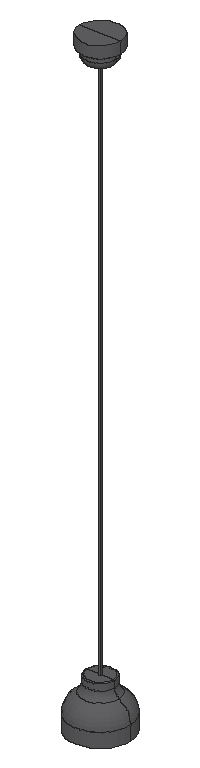
Revit family "BELL(8,10,14) MB", category Lighting Fixtures, Revit 2020
Family settings
  Round Connector Dimension = Use Diameter
  Part Type = Normal
  OmniClass Number = 23.80.70.00
  OmniClass Title = Lighting
  Work Plane-Based = No
  Always vertical = Yes
  Cut with Voids When Loaded = No
  Light Source = Yes
  Shared = No
  Room Calculation Point = No
Parameters (values of type "BEL08")
  Weight = "1.5 lbs"
  Wattage Comments = "100W Max"
  Wattage = 1 W
  Warranty = "5 year limited warranty"  # constant formula
  built-in parameter 1150110 = 1 (stored number, unit not read)
  Voltage = 277 V
  URL = "https://www.anplighting.com/assets/Uploads/product-attachments/specification-sheets/ANP-Specification-Sheet-RLM-MB-BEL08.pdf"
  built-in parameter 1114217 = 1 (stored number, unit not read)
  Tilt Angle = 90.00°
  built-in parameter 1150109 = 1 (stored number, unit not read)
  built-in parameter 1150134 = 12
  built-in parameter 1150113 = 1 (stored number, unit not read)
  Mounting Option [instance] = 1
  Power Factor = 1
  Post Mount [instance] = Mounting Option = 5  # no
  Placement X axis side [instance] = if(Post Mount, 2' 2 15/32", if(Cord or Stem Mount, 0' 0", if(E36 20 inch, 1' 8 1/4", if(E 6 26 inch, 2' 2", if(E7 41 inch, 3' 5 1/4", 0' 1")))))  # 0' - 0"
  Photometric Web File = "generic.ies"
  Model = "BEL08"
  Manufacturer = "ANP Lighting"  # constant formula
  built-in parameter 1150105 = 99.472 (stored number, unit not read)
  Lumens = 1250 lm
  built-in parameter 1150115 = 1 (stored number, unit not read)
  Load Classification = Lighting
  Light Source Height [instance] = 0' - 4"
  built-in parameter 1150137 = (empty or 0)
  built-in parameter 1150139 = (empty or 0)
  Light Elevation _2 [instance] = if(Post Mount, 0' 0.66142", if(E7 41 inch, 0' 0.66142", if(E36 20 inch, 0' 1.65748", if(E 6 26 inch, 0' 1.53543", if(Cord or Stem Mount, (0' 4.3622" + Cord Length), 0' 0")))))  # 6' - 4.3622"
  Light Elevation _1 [instance] = if(Post Mount, 0' 0", if(E7 41 inch, 0' 0", if(E36 20 inch, 0' 1", if(E 6 26 inch, 0' 0.87402", if(Cord or Stem Mount, (0' 3.66142" + Cord Length), 0' 0")))))  # 6' - 3.66142"
  Light Elevation [instance] = if(Post Mount, 14' 0.5315", if(E7 41 inch, 0' 0", 0' 0"))  # 0' - 0"
  Life = "L70 50,000 hours"  # constant formula
  built-in parameter 1150112 = 1 (stored number, unit not read)
  built-in parameter 1150114 = 1 (stored number, unit not read)
  Lamp = "MB"
  built-in parameter 1150132 = 2
  built-in parameter 1150102 = (empty or 0)
  built-in parameter 1150107 = 4000 (stored number, unit not read)
  built-in parameter 1150138 = (empty or 0)
  built-in parameter 1150106 = 0.99472 (stored number, unit not read)
  Fixture Height = 0' - 6 1/2"
  Fixture Diameter = 0' - 8"
  Efficiency = "65-125 lumens per watt"  # constant formula
  built-in parameter 1150104 = 116.13 (stored number, unit not read)
  E7 41 inch [instance] = Mounting Option = 4  # no
  E36 20 inch [instance] = Mounting Option = 3  # no
  E 6 26 inch [instance] = Mounting Option = 2  # no
  Dimming Lamp Color Temperature Shift = <None>
  Dimming = "1%"  # constant formula
  Description = "120-277 Voltage"  # constant formula
  Default Elevation = 0' - 0"
  Cord or Stem Mount [instance] = Mounting Option = 1  # yes
  Cord Length option [instance] = 0
  Cord Length [instance] = if([2' Cord], 2' 0", if([4' Cord], 4' 0", if([8' Cord], 8' 0", if([10' Cord], 10' 0", if([6' Cord], 6' 0", 6' 0")))))  # 6' - 0"
  Construction Material = "Heavy Duty spun aluminum."  # constant formula
  Color Filter = 16777215
  CRI = ">90"  # constant formula
  Body Material = body
  Body Colour = "Spun aluminium"  # constant formula
  built-in parameter 1114218 = 1 (stored number, unit not read)
  BELL8 = yes
  BELL14 = no
  BELL12 = no
  BELL10 = no
  built-in parameter 1150133 = 10 (stored number, unit not read)
  Apparent Load = 100 VA
  8' Cord [instance] = Cord Length option = 8  # no
  6' Cord [instance] = Cord Length option = 6  # no
  4' Cord [instance] = Cord Length option = 4  # no
  2' Cord [instance] = Cord Length option = 2  # no
  10' Cord [instance] = Cord Length option = 10  # no
Types (5): name | Weight | Wattage Comments | URL | Model | Fixture Height | Fixture Diameter | BELL8 | BELL14 | BELL12 | BELL10 | Apparent Load
  (no name) | "1.5 lbs" | "100W Max" | "https://www.anplighting.com/assets/Uploads/product-attachments/specification-sheets/ANP-Specification-Sheet-RLM-MB-BEL08.pdf" | "BEL08" | 0' - 6 1/2" | 0' - 8" | yes | no | no | no | 100 VA
  BEL08 | "1.5 lbs" | "100W Max" | "https://www.anplighting.com/assets/Uploads/product-attachments/specification-sheets/ANP-Specification-Sheet-RLM-MB-BEL08.pdf" | "BEL08" | 0' - 6 1/2" | 0' - 8" | yes | no | no | no | 100 VA
  BEL10 | "2 lbs" | "100W Max" | "https://www.anplighting.com/assets/Uploads/product-attachments/specification-sheets/ANP-Specification-Sheet-RLM-MB-BEL10.pdf" | "BEL10" | 0' - 7 3/8" | 0' - 10" | no | no | no | yes | 100 VA
  BEL12 | "2.5 lbs" | "200W Max" | "https://www.anplighting.com/assets/Uploads/product-attachments/specification-sheets/ANP-Specification-Sheet-RLM-MB-BEL12.pdf" | "BEL12" | 0' - 8 3/4" | 1' - 0" | no | no | yes | no | 200 VA
  BEL14 | "3.0 lbs" | "200W Max" | "https://www.anplighting.com/assets/Uploads/product-attachments/specification-sheets/ANP-Specification-Sheet-RLM-MB-BEL14.pdf" | "BEL14" | 0' - 10 1/2" | 1' - 2" | no | yes | no | no | 200 VA
Reference planes (in)
  plane 1 "Light Source Axis (F/B)": y = 0
  plane 2: z = 0
  plane 3 "Light Source Axis (L/R)": x = 0
  plane 4 "Light Source Elevation": z = 0
  plane 5: z = 0
  plane 6: x = 0
  plane 7 "Bulb Position": z = -76.3622
  plane 8 "Canopy Position": z = -75.66142
  plane 9 "IES": z = -80.3622
Dimensions and locks (in)
  "Light Elevation": plane 5 to plane 2
  "Placement X axis side": plane 6 to plane 3 "Light Source Axis (L/R)"
  "Light Elevation _2": plane 5 to plane 7 "Bulb Position"
  "Light Elevation _1": plane 5 to plane 8 "Canopy Position"
  "Light Source Height": plane 7 "Bulb Position" to plane 9 "IES"
  locked: plane 4 "Light Source Elevation" to plane 2
  aligned and locked: level to plane 2
  aligned and locked: plane 1 "Light Source Axis (F/B)" to nested 5
  aligned and locked: nested 5 to plane 2
  aligned and locked: nested 1 to plane 3 "Light Source Axis (L/R)"
  aligned and locked: plane 3 "Light Source Axis (L/R)" to nested 2
  aligned and locked: plane 3 "Light Source Axis (L/R)" to nested 4
  aligned and locked: nested 3 to plane 5
  aligned and locked: plane 3 "Light Source Axis (L/R)" to nested 3
  aligned and locked: plane 3 "Light Source Axis (L/R)" to nested 5
  aligned and locked: plane 1 "Light Source Axis (F/B)" to nested 2
  aligned and locked: plane 1 "Light Source Axis (F/B)" to nested 1
  aligned and locked: plane 1 "Light Source Axis (F/B)" to nested 4
  aligned and locked: plane 1 "Light Source Axis (F/B)" to nested 3
  aligned and locked: plane 2 to nested 1
  aligned and locked: plane 2 to nested 2
  aligned and locked: nested 4 to plane 2
  aligned and locked: imposter light to plane 9 "IES"
  aligned and locked: imposter light to plane 6
  aligned and locked: nested 6 to plane 8 "Canopy Position"
  aligned and locked: nested 7 to plane 8 "Canopy Position"
  aligned and locked: nested 8 to plane 8 "Canopy Position"
  aligned and locked: nested 9 to plane 8 "Canopy Position"
  aligned and locked: nested 6 to plane 6
  aligned and locked: nested 7 to plane 6
  aligned and locked: nested 8 to plane 6
  aligned and locked: nested 9 to plane 6
Nested families (in)
  nested 1: "CORD OR STEM MOUNT" at (0, 0, -75.67), visible <- "Cord or Stem Mount", Cord or Stem Mount <- "Cord or Stem Mount", Body Material <- "Body Material", Light Elevation <- "Light Elevation", Cord Length <- "Cord Length", 10' Cord <- "10' Cord", 2' Cord <- "2' Cord", 4' Cord <- "4' Cord", 6' Cord <- "6' Cord", 8' Cord <- "8' Cord", type "CORD OR STEM MOUNT"
    with Light Elevation 0' - 0", Cord or Stem Mount yes, Cord Length 6' - 0", Body Material body, 8' Cord no, 6' Cord no, 4' Cord no, 2' Cord no, 10' Cord no
  nested 2: "E6 26 INCH" at (0, 0, 0), visible <- "E 6 26 inch", Chain Length <- "Cord Length", E 6 26 inch <- "E 6 26 inch", Placement X axis side <- "Placement X axis side", Body Material <- "Body Material", Light Elevation <- "Light Elevation", type "E6 26 INCH"
    with Placement X axis side 0' - 0", Light Elevation 0' - 0", E 6 26 inch no, Chain Length 6' - 0", Body Material body
  nested 3: "E7 41 INCH" at (0, 0, 0), Chain Length <- "Cord Length", visible <- "E7 41 inch", E7 41 inch <- "E7 41 inch", Placement X axis side <- "Placement X axis side", Body Material <- "Body Material", Light Elevation <- "Light Elevation", type "E7 41 INCH"
    with Placement X axis side 0' - 0", Light Elevation 0' - 0", E7 41 inch no, Chain Length 6' - 0", Body Material body
  nested 4: "E36 20 INCH" at (0, 0, 0), visible <- "E36 20 inch", E36 20 inch <- "E36 20 inch", Placement X axis side <- "Placement X axis side", Chain Length <- "Cord Length", Body Material <- "Body Material", Light Elevation <- "Light Elevation", type "E36 20 INCH"
    with Placement X axis side 0' - 0", Light Elevation 0' - 0", E36 20 inch no, Chain Length 6' - 0", Body Material body
  nested 5: "POST MOUNT" at (0, 0, 0), visible <- "Post Mount", Post Mount <- "Post Mount", Placement X axis side <- "Placement X axis side", Chain Length <- "Cord Length", Body Material <- "Body Material", Light Elevation <- "Light Elevation", type "POST MOUNT"
    with Post Mount no, Placement X axis side 0' - 0", Light Elevation 0' - 0", Chain Length 6' - 0", Body Material body
  nested 6: "BELL8" at (0, 0, -75.66142), Light Elevation <- "Light Elevation", Body <- "Body Material", visible <- "BELL8", BELL8 <- "BELL8", type "BELL8"
    with Light Elevation 0' - 0", Body body, BELL8 yes
  nested 7: "BEL10" at (0, 0, -75.80293), Light Elevation <- "Light Elevation", Body <- "Body Material", visible <- "BELL10", BELL10 <- "BELL10", type "BEL10"
    with Light Elevation 0' - 0", Body body, BELL10 no
  nested 8: "BELL12" at (0, 0, -75.66142), Light Elevation <- "Light Elevation", Body <- "Body Material", visible <- "BELL12", BELL12 <- "BELL12", type "BELL12"
    with Light Elevation 0' - 0", Body body, BELL12 no
  nested 9: "BELL14" at (0, 0, -75.66142), Light Elevation <- "Light Elevation", Body <- "Body Material", visible <- "BELL14", BELL14 <- "BELL14", type "BELL14"
    with Light Elevation 0' - 0", Body body, BELL14 no
Definition of nested family "CORD OR STEM MOUNT"
  Parameters (values of type "CORD OR STEM MOUNT")
    URL = ""
    Model = ""
    Manufacturer = ""
    Light Elevation [instance] = 1' - 7.69"
    Default Elevation = 0' - 0"
    Cord or Stem Mount [instance] = yes
    Cord Length [instance] = 6' - 0"
    Body Material [instance] = none
    8' Cord [instance] = no
    6' Cord [instance] = no
    4' Cord [instance] = no
    2' Cord [instance] = no
    10' Cord [instance] = no
  Reference planes (in)
    plane 1 "Light Source Axis (F/B)": y = 0
    plane 2: z = 0
    plane 3 "Light Source Axis (L/R)": x = 0
    plane 4 "Light Source Elevation": z = 23.125
    plane 5: z = 91.69
    plane 6: z = 19.69
  Forms (in)
    Extrusion 1, void, not visible
      sketch origin (0, 0, 2.38154) x (1, 0, 0) y (0, 0, 1)
        loop
          circle (0, 4.59925) r 0.16583
      from 1.18594 to 1.75
    Extrusion 2, void, not visible
      sketch origin (0, 0, 2.38154) x (0.707107, -0.707107, 0) y (0, 0, 1)
        loop
          circle (0, 4.59925) r 0.16583
      from 1.18594 to 1.75
    Extrusion 3, void, not visible
      sketch origin (0, 0, 2.38154) x (0.707107, 0.707107, 0) y (0, 0, 1)
        loop
          circle (0, 4.59925) r 0.16583
      from 1.18594 to 1.75
    Extrusion 4, void, not visible
      sketch origin (0, 0, 2.38154) x (0, 1, 0) y (0, 0, 1)
        loop
          circle (0, 4.59925) r 0.16583
      from 1.18594 to 1.75
    Extrusion 5, void, not visible
      sketch origin (0, 0, 2.38154) x (-0.707107, 0.707107, 0) y (0, 0, 1)
        loop
          circle (0, 4.59925) r 0.16583
      from 1.18594 to 1.75
    Extrusion 6, void, not visible
      sketch origin (0, 0, 2.38154) x (-1, 0, 0) y (0, 0, 1)
        loop
          circle (0, 4.59925) r 0.20678
      from 1.18594 to 1.75
    Extrusion 7, void, not visible
      sketch origin (0, 0, 2.38154) x (-0.707107, -0.707107, 0) y (0, 0, 1)
        loop
          circle (0, 4.59925) r 0.16583
      from 1.18594 to 1.75
    Extrusion 8, void, not visible
      sketch origin (0, 0, 2.38154) x (0, -1, 0) y (0, 0, 1)
        loop
          circle (0, 4.59925) r 0.16583
      from 1.18594 to 1.75
    Revolve 9, solid, material <- "Body Material", visible <- "Cord or Stem Mount"
      sketch origin (0, 0, 174.56698) x (1, 0, 0) y (0, 0, 1)
        loop
          line (2.6875, -79.20698) -> (0, -79.20698) -> (0, -82.87698) -> (0.125, -82.87698) -> (0.125, -82.83698) -> (0.75, -82.83698)
          arc (0.75, -82.83698) -> (0.81694, -82.77004) -> (0.75, -82.7031) r 0.06694
          line (0.75, -82.7031) -> (0.89763, -82.7031) -> (1.00223, -82.5985) -> (1.06587, -82.5985)
          arc (1.06587, -82.5985) -> (1.80099, -82.29401) -> (2.10549, -81.55888) r 1.03962
          line (2.10549, -81.55888) -> (2.10549, -81.03899)
          arc (2.10549, -81.03899) -> (2.12951, -80.981) -> (2.1875, -80.95698) r 0.08201
          line (2.1875, -80.95698) -> (2.1875, -80.70698) -> (2.6875, -80.70698) -> (2.6875, -79.20698)
        axis (0, -79.20698) -> (0, -82.87698)
      angle from 0 to 360
    Revolve 10, solid, material <- "Body Material", visible <- "Cord or Stem Mount"
      sketch origin (0, 0, 0) x (1, 0, 0) y (0, 0, 1)
        loop
          line (0, 91.69) -> (-0.125, 91.69) -> (-0.125, 19.69) -> (0, 19.69) -> (0, 91.69)
        axis (0, 19.69) -> (0, 91.69)
      angle from 0 to 360
  Dimensions and locks (in)
    "Light Elevation": plane 6 to plane 2
    "Cord Length": plane 5 to plane 6
    locked: Revolve 10 sketch curve to Revolve 10 sketch curve at 0.125
    aligned and locked: level to plane 2
    aligned and locked: Revolve 10 sketch curve to plane 3 "Light Source Axis (L/R)"
    aligned and locked: Revolve 10 sketch curve to plane 6
    aligned and locked: Revolve 10 sketch curve to plane 5
    aligned and locked: plane 3 "Light Source Axis (L/R)" to Revolve 10 sketch curve
  Automatic sketch dimensions
    Revolve 9 sketch curve to plane 3 "Light Source Axis (L/R)" = 0' - 0"  (x2)
    Revolve 9 sketch curve to plane 5 = 0' - 0"
    plane 3 "Light Source Axis (L/R)" to Revolve 9 sketch curve = 0' - 0 1/8"
    Revolve 9 sketch curve to plane 5 = 0' - 0.17388"
    Revolve 9 sketch curve to Revolve 9 sketch curve = 0' - 0 5/8"
    Revolve 9 sketch curve to Revolve 9 sketch curve = 0' - 0.14763"
    Revolve 9 sketch curve to plane 5 = 0' - 0.27847"
    Revolve 9 sketch curve to Revolve 9 sketch curve = 0' - 0.1046"
    Revolve 9 sketch curve to Revolve 9 sketch curve = 0' - 0.06364"
    Revolve 9 sketch curve to Revolve 9 sketch curve = 0' - 1.03962"
    Revolve 9 sketch curve to Revolve 9 sketch curve = 0' - 0 21/256"
    Revolve 9 sketch curve to Revolve 9 sketch curve = 0' - 0 1/2"  (x2)
    Revolve 9 sketch curve to Revolve 9 sketch curve = 0' - 0.51989"
    Revolve 9 sketch curve to Revolve 9 sketch curve = 0' - 0 1/4"
    Revolve 9 sketch curve to Revolve 9 sketch curve = 0' - 2.3519"
    Revolve 9 sketch curve to Revolve 9 sketch curve = 0' - 1 1/4"
    Revolve 9 sketch curve to Revolve 9 sketch curve = 0' - 0.04"
    Revolve 10 sketch curve to Revolve 10 sketch curve = 0' - 0 1/2"
    Revolve 10 sketch curve to Revolve 10 sketch curve = 0' - 0.42345"
Definition of nested family "BELL8"
  Parameters (values of type "BELL8")
    Light Elevation [instance] = 0' - 0"
    Default Elevation = 0' - 0"
    Body [instance] = none
    BELL8 [instance] = yes
  Reference planes (in)
    plane 1 "Center (Front/Back)": y = 0
    plane 2: z = 0
    plane 3 "Center (Left/Right)": x = 0
    plane 4: z = 0
  Dimensions and locks (in)
    "Light Elevation": plane 4 to level
    aligned and locked: plane 2 to level
    aligned and locked: plane 3 "Center (Left/Right)" to nested 1
    aligned and locked: plane 1 "Center (Front/Back)" to nested 1
  Nested families (in)
    nested 1: "BELL14 BASE" at (0, 0, -6.5), Body <- "Body", BELL8 <- "BELL8", type "BELL14 BASE"
      with Body none, BELL8 yes, BELL10 no
  Definition of nested family "BELL14 BASE"
    Parameters (values of type "BELL14 BASE")
      Default Elevation = 0' - 0"
      Body [instance] = none
      BELL8 [instance] = yes
      BELL10 [instance] = yes
    Reference planes (in)
      plane 1 "Center (Front/Back)": y = 0
      plane 2: z = 0
      plane 3 "Center (Left/Right)": x = 0
      plane 4: x = 4
      plane 5: x = -4
      plane 6: z = 6.5
    Forms (in)
      Revolve 1, solid, material <- "Body", visible <- "BELL8"
        sketch origin (0, 0, 0) x (1, 0, 0) y (0, 0, 1)
          loop
            line (0, 6.5) -> (0, 6.46) -> (1.73928, 6.46) -> (1.84763, 6.39745) -> (1.84763, 5.60625)
            arc (1.84763, 5.60625) -> (1.98878, 4.94423) -> (2.38768, 4.39735) r 1.62307
            arc (2.38768, 4.39735) -> (3.53448, 3.36789) -> (3.96, 1.88671) r 2.79062
            line (3.96, 1.88671) -> (3.96, 0) -> (4, 0) -> (4, 1.88671)
            arc (4, 1.88671) -> (3.56988, 3.38671) -> (2.41024, 4.43086) r 2.83062
            arc (2.41024, 4.43086) -> (2.02417, 4.96308) -> (1.88763, 5.60625) r 1.58307
            line (1.88763, 5.60625) -> (1.88763, 6.42054) -> (1.75, 6.5) -> (0, 6.5)
          axis (0, 6.5) -> (0, 0)
        angle from 0 to 360
    Dimensions and locks (in)
      plane 6 to plane 2 = 0' - 6 1/2"
      aligned and locked: plane 2 to level
Definition of nested family "E6 26 INCH"
  Parameters (values of type "E6 26 INCH")
    URL = ""
    Placement X axis side [instance] = 2' - 2"
    Model = ""
    Manufacturer = ""
    Light Elevation [instance] = 8' - 4"
    E 6 26 inch [instance] = yes
    Default Elevation = 0' - 0"
    Chain Length [instance] = 0' - 0"
    Body Material [instance] = none
  Reference planes (in)
    plane 1 "Light Source Axis (F/B)": y = 0
    plane 2: z = 0
    plane 3 "Light Source Axis (L/R)": x = 0
    plane 4 "Light Source Elevation": z = 23.125
    plane 5: z = 100
    plane 6: x = -26
    plane 7: z = 99.125
    plane 8: x = -24.12
    plane 9: x = -25.5474
  Forms (in)
    Extrusion 1, void, not visible
      sketch origin (0, 0, 2.38154) x (1, 0, 0) y (0, 0, 1)
        loop
          circle (0, 4.59925) r 0.16583
      from 1.18594 to 1.75
    Extrusion 2, void, not visible
      sketch origin (0, 0, 2.38154) x (0.707107, -0.707107, 0) y (0, 0, 1)
        loop
          circle (0, 4.59925) r 0.16583
      from 1.18594 to 1.75
    Extrusion 3, void, not visible
      sketch origin (0, 0, 2.38154) x (0.707107, 0.707107, 0) y (0, 0, 1)
        loop
          circle (0, 4.59925) r 0.16583
      from 1.18594 to 1.75
    Extrusion 4, void, not visible
      sketch origin (0, 0, 2.38154) x (0, 1, 0) y (0, 0, 1)
        loop
          circle (0, 4.59925) r 0.16583
      from 1.18594 to 1.75
    Extrusion 5, void, not visible
      sketch origin (0, 0, 2.38154) x (-0.707107, 0.707107, 0) y (0, 0, 1)
        loop
          circle (0, 4.59925) r 0.16583
      from 1.18594 to 1.75
    Extrusion 6, void, not visible
      sketch origin (0, 0, 2.38154) x (-1, 0, 0) y (0, 0, 1)
        loop
          circle (0, 4.59925) r 0.20678
      from 1.18594 to 1.75
    Extrusion 7, void, not visible
      sketch origin (0, 0, 2.38154) x (-0.707107, -0.707107, 0) y (0, 0, 1)
        loop
          circle (0, 4.59925) r 0.16583
      from 1.18594 to 1.75
    Extrusion 8, void, not visible
      sketch origin (0, 0, 2.38154) x (0, -1, 0) y (0, 0, 1)
        loop
          circle (0, 4.59925) r 0.16583
      from 1.18594 to 1.75
    Sweep 9, solid, material <- "Body Material", visible <- "E 6 26 inch"
      path origin (-41.25, 0, 168.51693) x (1, 0, 0) y (0, 0, 1)
        loop
          line (17.13, -68.51693) -> (27.68551, -68.51693)
          arc (27.68551, -68.51693) -> (28.47996, -68.34486) -> (29.13202, -67.8595) r 1.92004
          line (29.13202, -67.8595) -> (34.23651, -62.01155)
          arc (34.23651, -62.01155) -> (38.65464, -60.89667) -> (41.25, -64.64193) r 4
          line (41.25, -64.64193) -> (41.25, -69.39193)
      profile origin (-18.84224, 0, 100) x (0, 0, 1) y (0, -1, 0)
        loop
          circle (0, 0) r 0.5
    Revolve 10, solid, material <- "Body Material", visible <- "E 6 26 inch"
      sketch origin (-26, 0, 168.51693) x (1, 0, 0) y (0, 0, 1)
        loop
          line (0, -66.07943) -> (0, -68.51693) -> (1.88, -68.51693) -> (1.88, -67.69272) -> (0.4526, -67.69272) -> (0.4526, -66.54122) -> (0.33125, -66.54122) -> (0.33125, -66.07943) -> (0, -66.07943)
        axis (0, -68.51693) -> (1.88, -68.51693)
      angle from 0 to 360
    Extrusion 11, solid, material <- "Body Material", visible <- "E 6 26 inch"
      sketch origin (-26, 0, 168.51693) x (0, -1, 0) y (0, 0, -1)
        loop
          line (0.25, 68.51693) -> (0.25, 69.51693) -> (-0.25, 69.51693) -> (-0.25, 68.51693) -> (0.25, 68.51693)
      from 0.4526 to 1.88
  Cuts and joins
    joined: Revolve 10, Extrusion 11
  Dimensions and locks (in)
    "Light Elevation": plane 5 to plane 2
    "Placement X axis side": plane 3 "Light Source Axis (L/R)" to plane 6
    locked: plane 5 to plane 7 at 0.875
    Revolve 10 sketch curve to Revolve 10 sketch curve to Revolve 10 sketch curve to plane 6 = 0' - 1.4274" locked, 0' - 0.12135" locked, 0' - 0.33125" locked
    Revolve 10 sketch curve to Revolve 10 sketch curve to Revolve 10 sketch curve to plane 5 = 0' - 0.46179" locked, 0' - 1.1515" locked, 0' - 0 211/256" locked
    locked: Sweep 9 sketch curve to plane 6 at 1.88
    locked: Sweep 9 sketch curve to Sweep 9 sketch curve at 10.55551
    locked: Sweep 9 sketch curve to Sweep 9 sketch curve at 13.56449
    locked: Sweep 9 sketch curve to Sweep 9 sketch curve at 4.75
    locked: plane 9 to plane 6 at 0.4526
    locked: plane 8 to plane 9 at 1.4274
    aligned and locked: level to plane 2
    aligned and locked: Revolve 10 sketch curve to plane 6
    aligned and locked: plane 5 to Revolve 10 sketch curve
    aligned and locked: Revolve 10 sketch curve to plane 5
    aligned and locked: cut or joined group of Revolve 10, Extrusion 11 to plane 9
    aligned and locked: plane 8 to cut or joined group of Revolve 10, Extrusion 11
  Automatic sketch dimensions
    Sweep 9 sketch curve to plane 5 = 0' - 0"
    Sweep 9 sketch curve to Sweep 9 sketch curve = 0' - 4"
    Sweep 9 sketch curve to Sweep 9 sketch curve = 0' - 3.01349"
    plane 5 to Sweep 9 sketch curve = 0' - 0.65743"
    Sweep 9 sketch curve to Sweep 9 sketch curve = 0' - 1.4465"
    Sweep 9 sketch curve to plane 5 = 0' - 0 7/8"
    profile plane to Sweep 9 sketch curve = 0' - 0"
    Sweep 9 sketch curve to profile plane = 0' - 0"
    plane 6 to Revolve 10 sketch curve = 0' - 0.62562"
    Revolve 10 sketch curve to Revolve 10 sketch curve = 0' - 0 1/2"
    Extrusion 11 sketch curve to plane 5 = 0' - 0"
    plane 1 "Light Source Axis (F/B)" to Extrusion 11 sketch curve = 0' - 0 1/4"
    Extrusion 11 sketch curve to plane 1 "Light Source Axis (F/B)" = 0' - 0 1/4"
    plane 5 to Extrusion 11 sketch curve = 0' - 1"
    radius of Sweep 9 sketch curve = 0' - 0 1/2"
Definition of nested family "E7 41 INCH"
  Parameters (values of type "E7 41 INCH")
    URL = ""
    Placement X axis side [instance] = 4' - 2"
    Model = ""
    Manufacturer = ""
    Light Elevation [instance] = 8' - 4"
    E7 41 inch [instance] = yes
    Default Elevation = 0' - 0"
    Chain Length [instance] = 0' - 0"
    Body Material [instance] = none
  Reference planes (in)
    plane 1 "Light Source Axis (F/B)": y = 0
    plane 2: z = 0
    plane 3 "Light Source Axis (L/R)": x = 0
    plane 4 "Light Source Elevation": z = 23.125
    plane 5: z = 100
    plane 6: x = -50
  Forms (in)
    Extrusion 1, void, not visible
      sketch origin (0, 0, 2.38154) x (1, 0, 0) y (0, 0, 1)
        loop
          circle (0, 4.59925) r 0.16583
      from 1.18594 to 1.75
    Extrusion 2, void, not visible
      sketch origin (0, 0, 2.38154) x (0.707107, -0.707107, 0) y (0, 0, 1)
        loop
          circle (0, 4.59925) r 0.16583
      from 1.18594 to 1.75
    Extrusion 3, void, not visible
      sketch origin (0, 0, 2.38154) x (0.707107, 0.707107, 0) y (0, 0, 1)
        loop
          circle (0, 4.59925) r 0.16583
      from 1.18594 to 1.75
    Extrusion 4, void, not visible
      sketch origin (0, 0, 2.38154) x (0, 1, 0) y (0, 0, 1)
        loop
          circle (0, 4.59925) r 0.16583
      from 1.18594 to 1.75
    Extrusion 5, void, not visible
      sketch origin (0, 0, 2.38154) x (-0.707107, 0.707107, 0) y (0, 0, 1)
        loop
          circle (0, 4.59925) r 0.16583
      from 1.18594 to 1.75
    Extrusion 6, void, not visible
      sketch origin (0, 0, 2.38154) x (-1, 0, 0) y (0, 0, 1)
        loop
          circle (0, 4.59925) r 0.20678
      from 1.18594 to 1.75
    Extrusion 7, void, not visible
      sketch origin (0, 0, 2.38154) x (-0.707107, -0.707107, 0) y (0, 0, 1)
        loop
          circle (0, 4.59925) r 0.16583
      from 1.18594 to 1.75
    Extrusion 8, void, not visible
      sketch origin (0, 0, 2.38154) x (0, -1, 0) y (0, 0, 1)
        loop
          circle (0, 4.59925) r 0.16583
      from 1.18594 to 1.75
    Revolve 9, solid, material <- "Body Material", visible <- "E7 41 inch"
      sketch origin (-41.25, 0, 168.39193) x (1, 0, 0) y (0, 0, 1)
        loop
          line (-8.75, -66.20443) -> (-8.75, -68.51693) -> (-6.87, -68.51693) -> (-6.87, -67.69272) -> (-8.2974, -67.69272) -> (-8.2974, -66.54122) -> (-8.41875, -66.54122) -> (-8.41875, -66.20443) -> (-8.75, -66.20443)
        axis (-8.75, -68.51693) -> (-6.87, -68.51693)
      angle from 0 to 360
    Extrusion 10, solid, material <- "Body Material", visible <- "E7 41 inch"
      sketch origin (-41.25, 0, 168.39193) x (0, -1, 0) y (0, 0, -1)
        loop
          line (0.25, 68.51693) -> (0.25, 69.51693) -> (-0.25, 69.51693) -> (-0.25, 68.51693) -> (0.25, 68.51693)
      from -8.2974 to -6.87
    Sweep 11, solid, material <- "Body Material", visible <- "E7 41 inch"
      path origin (-41.25, 0, 168.39193) x (1, 0, 0) y (0, 0, 1)
        loop
          line (-6.87, -68.51693) -> (16.04011, -68.51693)
          arc (16.04011, -68.51693) -> (17.864, -68.13651) -> (19.38375, -67.0587) r 4.5625
          line (19.38375, -67.0587) -> (24.70217, -61.33018)
          arc (24.70217, -61.33018) -> (29.64465, -60.20324) -> (32.5, -64.39193) r 4.5
          line (32.5, -64.39193) -> (32.5, -68.39193)
      profile origin (-36.66494, 0, 99.875) x (0, 0, 1) y (0, -1, 0)
        loop
          circle (0, 0) r 0.5
  Dimensions and locks (in)
    "Placement X axis side": plane 3 "Light Source Axis (L/R)" to plane 6
    "Light Elevation": plane 5 to plane 2
    locked: Revolve 9 sketch curve to Revolve 9 sketch curve at 0.33125
    locked: Revolve 9 sketch curve to Revolve 9 sketch curve at 0.4526
    locked: Revolve 9 sketch curve to Revolve 9 sketch curve at 1.88
    locked: Revolve 9 sketch curve to Revolve 9 sketch curve at 0.82421
    locked: Revolve 9 sketch curve to Revolve 9 sketch curve at 1.1515
    locked: Revolve 9 sketch curve to Revolve 9 sketch curve at 0.33679
    locked: plane 5 to Revolve 9 sketch curve at 0.125
    locked: Extrusion 10 sketch curve to Extrusion 10 sketch curve at 0.5
    locked: Extrusion 10 sketch curve to Extrusion 10 sketch curve at 1
    locked: plane 5 to Extrusion 10 sketch curve at 0.125
    locked: plane 5 to Sweep 11 sketch curve at 0.125
    locked: Sweep 11 sketch curve to Sweep 11 sketch curve at 39.37
    locked: Sweep 11 sketch curve to Sweep 11 sketch curve at 4
    locked: plane 6 to Extrusion 10 at 0.4526
    locked: Sweep 11 sketch curve to plane 6 at 1.88
    locked: Extrusion 10 to Extrusion 10 at 1.4274
    aligned and locked: plane 2 to level
    aligned and locked: Revolve 9 sketch curve to plane 6
  Automatic sketch dimensions
    Revolve 9 sketch curve to plane 5 = 0' - 0 1/8"
    plane 6 to Revolve 9 sketch curve = 0' - 0.62562"
    Revolve 9 sketch curve to Revolve 9 sketch curve = 0' - 0 1/2"
    plane 1 "Light Source Axis (F/B)" to Extrusion 10 sketch curve = 0' - 0 1/4"
    Sweep 11 sketch curve to plane 5 = 0' - 0"
    Sweep 11 sketch curve to Sweep 11 sketch curve = 0' - 4 1/2"
    Sweep 11 sketch curve to Sweep 11 sketch curve = 0' - 3.29783"
    plane 5 to Sweep 11 sketch curve = 0' - 1.33323"
    Sweep 11 sketch curve to Sweep 11 sketch curve = 0' - 5.31842"
    Sweep 11 sketch curve to Sweep 11 sketch curve = 0' - 3.34364"
    profile plane to Sweep 11 sketch curve = 0' - 0"
    Sweep 11 sketch curve to profile plane = 0' - 0"
    radius of Sweep 11 sketch curve = 0' - 0 1/2"
Definition of nested family "E36 20 INCH"
  Parameters (values of type "E36 20 INCH")
    URL = ""
    Placement X axis side [instance] = 1' - 8 1/4"
    Model = ""
    Manufacturer = ""
    Light Elevation [instance] = 8' - 4"
    E36 20 inch [instance] = yes
    Default Elevation = 0' - 0"
    Chain Length [instance] = 0' - 0"
    Body Material [instance] = none
  Reference planes (in)
    plane 1 "Light Source Axis (F/B)": y = 0
    plane 2: z = 0
    plane 3 "Light Source Axis (L/R)": x = 0
    plane 4 "Light Source Elevation": z = 23.125
    plane 5: z = 99
    plane 6: x = -20.25
    plane 7: z = 100
    plane 8: x = -18.37008
    plane 9: x = -19.79724
  Forms (in)
    Extrusion 1, void, not visible
      sketch origin (0, 0, 2.38154) x (1, 0, 0) y (0, 0, 1)
        loop
          circle (0, 4.59925) r 0.16583
      from 1.18594 to 1.75
    Extrusion 2, void, not visible
      sketch origin (0, 0, 2.38154) x (0.707107, -0.707107, 0) y (0, 0, 1)
        loop
          circle (0, 4.59925) r 0.16583
      from 1.18594 to 1.75
    Extrusion 3, void, not visible
      sketch origin (0, 0, 2.38154) x (0.707107, 0.707107, 0) y (0, 0, 1)
        loop
          circle (0, 4.59925) r 0.16583
      from 1.18594 to 1.75
    Extrusion 4, void, not visible
      sketch origin (0, 0, 2.38154) x (0, 1, 0) y (0, 0, 1)
        loop
          circle (0, 4.59925) r 0.16583
      from 1.18594 to 1.75
    Extrusion 5, void, not visible
      sketch origin (0, 0, 2.38154) x (-0.707107, 0.707107, 0) y (0, 0, 1)
        loop
          circle (0, 4.59925) r 0.16583
      from 1.18594 to 1.75
    Extrusion 6, void, not visible
      sketch origin (0, 0, 2.38154) x (-1, 0, 0) y (0, 0, 1)
        loop
          circle (0, 4.59925) r 0.20678
      from 1.18594 to 1.75
    Extrusion 7, void, not visible
      sketch origin (0, 0, 2.38154) x (-0.707107, -0.707107, 0) y (0, 0, 1)
        loop
          circle (0, 4.59925) r 0.16583
      from 1.18594 to 1.75
    Extrusion 8, void, not visible
      sketch origin (0, 0, 2.38154) x (0, -1, 0) y (0, 0, 1)
        loop
          circle (0, 4.59925) r 0.16583
      from 1.18594 to 1.75
    Sweep 9, solid, material <- "Body Material", visible <- "E36 20 inch"
      path origin (-41.25, 0, 169.51693) x (1, 0, 0) y (0, 0, 1)
        loop
          line (22.88, -69.51693) -> (28.93827, -69.51693)
          arc (28.93827, -69.51693) -> (29.97705, -69.28152) -> (30.81284, -68.62128) r 2.40953
          line (30.81284, -68.62128) -> (34.13807, -64.50378)
          arc (34.13807, -64.50378) -> (38.58272, -63.24548) -> (41.25, -67.01693) r 4
          line (41.25, -67.01693) -> (41.25, -70.51693)
      profile origin (-15.34086, 0, 100) x (0, 0, 1) y (0, -1, 0)
        loop
          circle (0, 0) r 0.5
    Revolve 10, solid, material <- "Body Material", visible <- "E36 20 inch"
      sketch origin (-20.25, 0, 169.51693) x (1, 0, 0) y (0, 0, 1)
        loop
          line (0, -67.20443) -> (0, -69.51693) -> (1.88, -69.51693) -> (1.88, -68.69272) -> (0.4526, -68.69272) -> (0.4526, -67.54122) -> (0.33125, -67.54122) -> (0.33125, -67.20443) -> (0, -67.20443)
        axis (0, -69.51693) -> (1.88, -69.51693)
      angle from 0 to 360
    Extrusion 11, solid, material <- "Body Material", visible <- "E36 20 inch"
      sketch origin (-20.25, 0, 169.51693) x (0, -1, 0) y (0, 0, -1)
        loop
          line (0.25, 69.51693) -> (0.25, 70.51693) -> (-0.25, 70.51693) -> (-0.25, 69.51693) -> (0.25, 69.51693)
      from 1.87992 to 0.45276
  Cuts and joins
    joined: Revolve 10, Extrusion 11
  Dimensions and locks (in)
    "Light Elevation": plane 7 to plane 2
    "Placement X axis side": plane 3 "Light Source Axis (L/R)" to plane 6
    locked: plane 7 to plane 5 at 1
    Revolve 10 sketch curve to Revolve 10 sketch curve to Revolve 10 sketch curve to plane 7 = 0' - 0.33679" locked, 0' - 1.1515" locked, 0' - 0 211/256" locked
    locked: Sweep 9 sketch curve to plane 6 at 1.88
    locked: Sweep 9 sketch curve to Sweep 9 sketch curve at 6.05827
    locked: Sweep 9 sketch curve to Sweep 9 sketch curve at 12.31173
    locked: Sweep 9 sketch curve to Sweep 9 sketch curve at 3.5
    Revolve 10 sketch curve to Revolve 10 sketch curve to Revolve 10 sketch curve to plane 6 = 0' - 1.4274" locked, 0' - 0.12135" locked, 0' - 0.33125" locked
    locked: plane 9 to plane 6 at 0.45276
    locked: plane 8 to plane 9 at 1.42717
    aligned and locked: level to plane 2
    aligned and locked: plane 7 to Revolve 10 sketch curve
    aligned and locked: Revolve 10 sketch curve to plane 7
    aligned and locked: Revolve 10 sketch curve to plane 6
    aligned and locked: cut or joined group of Revolve 10, Extrusion 11 to plane 9
    aligned and locked: plane 8 to cut or joined group of Revolve 10, Extrusion 11
  Automatic sketch dimensions
    Sweep 9 sketch curve to plane 7 = 0' - 0"
    Sweep 9 sketch curve to plane 5 = 0' - 0"
    Sweep 9 sketch curve to Sweep 9 sketch curve = 0' - 4"
    Sweep 9 sketch curve to plane 7 = 0' - 0.89565"
    Sweep 9 sketch curve to Sweep 9 sketch curve = 0' - 3.32523"
    Sweep 9 sketch curve to Sweep 9 sketch curve = 0' - 1.87457"
    profile plane to Sweep 9 sketch curve = 0' - 0"
    Sweep 9 sketch curve to profile plane = 0' - 0"
    plane 6 to Revolve 10 sketch curve = 0' - 0.62562"
    Revolve 10 sketch curve to Revolve 10 sketch curve = 0' - 0 1/2"
    plane 7 to Extrusion 11 sketch curve = 0' - 0"
    Extrusion 11 sketch curve to plane 5 = 0' - 0"
    plane 1 "Light Source Axis (F/B)" to Extrusion 11 sketch curve = 0' - 0 1/4"
    Extrusion 11 sketch curve to plane 1 "Light Source Axis (F/B)" = 0' - 0 1/4"
    radius of Sweep 9 sketch curve = 0' - 0 1/2"
Definition of nested family "POST MOUNT"
  Parameters (values of type "POST MOUNT")
    URL = ""
    Post Mount [instance] = yes
    Placement X axis side [instance] = 2' - 2 1/2"
    Model = ""
    Manufacturer = ""
    Light Elevation [instance] = 14' - 0.5168"
    Default Elevation = 0' - 0"
    Chain Length [instance] = 0' - 0"
    Body Material [instance] = none
  Reference planes (in)
    plane 1 "Light Source Axis (F/B)": y = 0
    plane 2: z = 0
    plane 3 "Light Source Axis (L/R)": x = 0
    plane 4 "Light Source Elevation": z = 23.125
    plane 5: x = -26.5
    plane 6: z = 168.5168
  Forms (in)
    Extrusion 1, void, not visible
      sketch origin (0, 0, 2.38154) x (1, 0, 0) y (0, 0, 1)
        loop
          circle (0, 4.59925) r 0.16583
      from 1.18594 to 1.75
    Extrusion 2, void, not visible
      sketch origin (0, 0, 2.38154) x (0.707107, -0.707107, 0) y (0, 0, 1)
        loop
          circle (0, 4.59925) r 0.16583
      from 1.18594 to 1.75
    Extrusion 3, void, not visible
      sketch origin (0, 0, 2.38154) x (0.707107, 0.707107, 0) y (0, 0, 1)
        loop
          circle (0, 4.59925) r 0.16583
      from 1.18594 to 1.75
    Extrusion 4, void, not visible
      sketch origin (0, 0, 2.38154) x (0, 1, 0) y (0, 0, 1)
        loop
          circle (0, 4.59925) r 0.16583
      from 1.18594 to 1.75
    Extrusion 5, void, not visible
      sketch origin (0, 0, 2.38154) x (-0.707107, 0.707107, 0) y (0, 0, 1)
        loop
          circle (0, 4.59925) r 0.16583
      from 1.18594 to 1.75
    Extrusion 6, void, not visible
      sketch origin (0, 0, 2.38154) x (-1, 0, 0) y (0, 0, 1)
        loop
          circle (0, 4.59925) r 0.20678
      from 1.18594 to 1.75
    Extrusion 7, void, not visible
      sketch origin (0, 0, 2.38154) x (-0.707107, -0.707107, 0) y (0, 0, 1)
        loop
          circle (0, 4.59925) r 0.16583
      from 1.18594 to 1.75
    Extrusion 8, void, not visible
      sketch origin (0, 0, 2.38154) x (0, -1, 0) y (0, 0, 1)
        loop
          circle (0, 4.59925) r 0.16583
      from 1.18594 to 1.75
    Revolve 9, solid, material <- "Body Material", visible <- "Post Mount"
      sketch origin (-7.90508, 0, 0) x (1, 0, 0) y (0, 0, 1)
        loop
          line (-18.59492, 3.92912) -> (-16.29831, 3.92912) -> (-16.29831, 4.2668) -> (-16.91413, 4.2668) -> (-16.91413, 134.5168) -> (-17.16413, 134.5168) -> (-17.16413, 137.3918) -> (-17.05979, 137.3918)
          arc (-17.05979, 137.3918) -> (-16.93479, 137.5168) -> (-17.05979, 137.6418) r 0.125
          line (-17.05979, 137.6418) -> (-17.48032, 137.6418) -> (-17.48032, 139.0793) -> (-17.73032, 139.0793) -> (-17.73032, 139.5793) -> (-18.59492, 139.5793) -> (-18.59492, 3.92912)
        axis (-18.59492, 139.5793) -> (-18.59492, 3.92912)
      angle from 0 to 360
    Extrusion 10, solid, material <- "Body Material", visible <- "Post Mount"
      sketch origin (0, 0, 0) x (1, 0, 0) y (0, 1, 0)
        loop
          line (-20.5, 5.93079) -> (-32.5, 5.93079) -> (-32.5, -6.06921) -> (-20.5, -6.06921) -> (-20.5, 5.93079)
      from 0 to 3.92912
    Sweep 11, solid, material <- "Body Material", visible <- "Post Mount"
      path origin (0, 0, 48.5) x (1, 0, 0) y (0, 0, 1)
        loop
          line (0, 120.0168) -> (0, 128.0168)
          arc (0, 128.0168) -> (-13.25, 141.2668) -> (-26.5, 128.0168) r 13.25
          line (-26.5, 128.0168) -> (-26.5, 91.0793)
      profile origin (0, 0, 172.5168) x (-1, 0, 0) y (0, -1, 0)
        loop
          circle (0, 0) r 0.5
    Revolve 12, solid, material <- "Body Material", visible <- "Post Mount"
      sketch origin (0, 0, 0) x (1, 0, 0) y (0, 0, 1)
        loop
          line (0, 168.5168) -> (0.75, 168.5168) -> (0.75, 170.7668) -> (0, 170.7668) -> (0, 168.5168)
        axis (0, 170.7668) -> (0, 168.5168)
      angle from 0 to 360
  Cuts and joins
    joined: Revolve 9, Extrusion 10, Sweep 11, Revolve 12
  Dimensions and locks (in)
    "Placement X axis side": plane 3 "Light Source Axis (L/R)" to plane 5
    "Light Elevation": plane 6 to plane 2
    locked: Revolve 12 sketch curve to plane 5 at 26.5  (x2)
    locked: Revolve 9 sketch curve to plane 2 at 3.92912
    locked: Revolve 9 sketch curve to plane 5 at 2.29661
    locked: Revolve 9 sketch curve to plane 5 at 1.68079
    locked: Revolve 9 sketch curve to plane 5 at 1.43079
    locked: Revolve 9 sketch curve to plane 5 at 1.11461
    locked: Revolve 9 sketch curve to plane 5 at 0.86461
    locked: Revolve 9 sketch curve to Revolve 9 sketch curve at 130.58768
    locked: Revolve 9 sketch curve to Revolve 9 sketch curve at 2.875
    locked: Revolve 9 sketch curve to Revolve 9 sketch curve at 0.25
    locked: Revolve 9 sketch curve to Revolve 9 sketch curve at 1.4375
    locked: Revolve 9 sketch curve to Revolve 9 sketch curve at 0.5
    locked: Sweep 11 sketch curve to Sweep 11 sketch curve at 26.5
    locked: Revolve 12 sketch curve to Revolve 12 sketch curve at 0.75
    locked: cut or joined group of Revolve 9, Extrusion 10, Sweep 11, Revolve 12 to plane 2 at 139.5793
    aligned and locked: level to plane 2
    aligned and locked: plane 5 to Sweep 11 sketch curve
    aligned and locked: Revolve 9 sketch curve to plane 5
  Automatic sketch dimensions
    Revolve 9 sketch curve to plane 5 = 0' - 0"
    Revolve 9 sketch curve to Revolve 9 sketch curve = 0' - 0.10434"
    Revolve 9 sketch curve to Revolve 9 sketch curve = 0' - 0.33768"
    Revolve 9 sketch curve to Revolve 9 sketch curve = 0' - 0 1/4"
    Revolve 9 sketch curve to Revolve 9 sketch curve = 0' - 0 7/16"
    Extrusion 10 sketch curve to plane 5 = 0' - 6"
    plane 5 to Extrusion 10 sketch curve = 0' - 6"
    plane 1 "Light Source Axis (F/B)" to Extrusion 10 sketch curve = 0' - 6.06921"
    Extrusion 10 sketch curve to plane 1 "Light Source Axis (F/B)" = 0' - 5.93079"
    Sweep 11 sketch curve to profile plane = 0' - 0"
    profile plane to Sweep 11 sketch curve = 0' - 0"
    Sweep 11 sketch curve to plane 6 = 0' - 0"
    Sweep 11 sketch curve to plane 6 = 0' - 8"
    plane 6 to Sweep 11 sketch curve = 2' - 4 15/16"
    Revolve 12 sketch curve to plane 6 = 0' - 0"
    Revolve 12 sketch curve to plane 6 = 0' - 2 1/4"
    Revolve 12 sketch curve to Revolve 12 sketch curve = 0' - 0 1/2"
    Revolve 12 sketch curve to Revolve 12 sketch curve = 0' - 0"
    radius of Sweep 11 sketch curve = 0' - 0 1/2"
Definition of nested family "BEL10"
  Parameters (values of type "BEL10")
    Light Elevation [instance] = 0' - 0"
    Default Elevation = 0' - 0"
    Body [instance] = none
    BELL10 [instance] = yes
  Reference planes (in)
    plane 1 "Center (Front/Back)": y = 0
    plane 2: z = 0
    plane 3 "Center (Left/Right)": x = 0
    plane 4: z = 0
  Dimensions and locks (in)
    "Light Elevation": plane 4 to plane 2
    aligned and locked: plane 2 to level
    aligned and locked: plane 1 "Center (Front/Back)" to nested 1
    aligned and locked: plane 3 "Center (Left/Right)" to nested 1
    aligned and locked: plane 4 to nested 1
  Nested families (in)
    nested 1: "BELL14 BASE" at (0, 0, -7.23349), Body <- "Body", visible <- "BELL10", BELL10 <- "BELL10", type "BELL14 BASE"
      with Body none, BELL10 yes
  Definition of nested family "BELL14 BASE"
    Parameters (values of type "BELL14 BASE")
      Default Elevation = 0' - 0"
      Body [instance] = none
      BELL10 [instance] = yes
    Reference planes (in)
      plane 1 "Center (Front/Back)": y = 0
      plane 2: z = 0
      plane 3 "Center (Left/Right)": x = 0
    Forms (in)
      Revolve 1, solid, material <- "Body", visible <- "BELL10"
        sketch origin (0, 0, 0) x (1, 0, 0) y (0, 0, 1)
          loop
            line (4.96738, 0) -> (5.10887, 0) -> (5.10887, 1.26867)
            arc (5.10887, 1.26867) -> (4.48488, 2.30717) -> (3.57052, 3.10201) r 3.87236
            arc (3.57052, 3.10201) -> (2.06154, 4.69214) -> (1.51266, 6.81448) r 4.37767
            line (1.51266, 6.81448) -> (1.51266, 7.375) -> (0.65197, 7.375) -> (0.65197, 7.23349) -> (1.37117, 7.23349) -> (1.37117, 6.81448)
            arc (1.37117, 6.81448) -> (1.93779, 4.62355) -> (3.49554, 2.98202) r 4.51916
            arc (3.49554, 2.98202) -> (4.36772, 2.22664) -> (4.96738, 1.2409) r 3.73087
            line (4.96738, 1.2409) -> (4.96738, 0)
          axis (0, 7.375) -> (0, 0)
        angle from 0 to 360
    Dimensions and locks (in)
      aligned and locked: plane 2 to level
      aligned and locked: Revolve 1 sketch curve to level
Definition of nested family "BELL12"
  Parameters (values of type "BELL12")
    Light Elevation [instance] = 0' - 0"
    Default Elevation = 0' - 0"
    Body [instance] = none
    BELL12 [instance] = yes
  Reference planes (in)
    plane 1 "Center (Front/Back)": y = 0
    plane 2: z = 0
    plane 3 "Center (Left/Right)": x = 0
    plane 4: z = 0
  Dimensions and locks (in)
    "Light Elevation": plane 4 to level
    aligned and locked: plane 2 to level
    aligned and locked: plane 3 "Center (Left/Right)" to nested 1
    aligned and locked: plane 1 "Center (Front/Back)" to nested 1
    aligned and locked: plane 4 to nested 1
  Nested families (in)
    nested 1: "BELL14 BASE" at (0, 0, -8.75), Body <- "Body", visible <- "BELL12", BELL12 <- "BELL12", type "BELL14 BASE"
      with Body none, BELL12 yes
  Definition of nested family "BELL14 BASE"
    Parameters (values of type "BELL14 BASE")
      Default Elevation = 0' - 0"
      Body [instance] = none
      BELL12 [instance] = yes
    Reference planes (in)
      plane 1 "Center (Front/Back)": y = 0
      plane 2: z = 0
      plane 3 "Center (Left/Right)": x = 0
    Forms (in)
      Revolve 1, solid, material <- "Body", visible <- "BELL12"
        sketch origin (0, 0, 0) x (1, 0, 0) y (0, 0, 1)
          loop
            line (5.82857, 0) -> (5.99644, 0) -> (5.99644, 1.5052)
            arc (5.99644, 1.5052) -> (5.25611, 2.73731) -> (4.17128, 3.68035) r 4.59432
            arc (4.17128, 3.68035) -> (2.38096, 5.56695) -> (1.72975, 8.08497) r 5.19384
            line (1.72975, 8.08497) -> (1.72975, 8.75) -> (0.70859, 8.75) -> (0.70859, 8.58211) -> (1.56189, 8.58211) -> (1.56189, 8.08497)
            arc (1.56189, 8.08497) -> (2.23414, 5.48557) -> (4.08232, 3.53799) r 5.36171
            arc (4.08232, 3.53799) -> (5.1171, 2.64178) -> (5.82857, 1.47226) r 4.42645
            line (5.82857, 1.47226) -> (5.82857, 0)
          axis (0, 8.75) -> (0, 0)
        angle from 0 to 360
    Dimensions and locks (in)
      aligned and locked: plane 2 to level
      aligned and locked: Revolve 1 sketch curve to level
Definition of nested family "BELL14"
  Parameters (values of type "BELL14")
    Light Elevation [instance] = 0' - 0"
    Default Elevation = 0' - 0"
    Body [instance] = none
    BELL14 [instance] = yes
  Reference planes (in)
    plane 1 "Center (Front/Back)": y = 0
    plane 2: z = 0
    plane 3 "Center (Left/Right)": x = 0
    plane 4: z = 0
  Dimensions and locks (in)
    "Light Elevation": plane 4 to level
    aligned and locked: plane 2 to level
    aligned and locked: plane 3 "Center (Left/Right)" to nested 1
    aligned and locked: plane 1 "Center (Front/Back)" to nested 1
    aligned and locked: plane 4 to nested 1
  Nested families (in)
    nested 1: "Family2" at (0, 0, -10.5), BELL14 <- "BELL14", visible <- "BELL14", Body <- "Body", type "Family2"
      with Body none, BELL14 yes
  Definition of nested family "Family2"
    Parameters (values of type "Family2")
      Default Elevation = 0' - 0"
      Body [instance] = none
      BELL14 [instance] = yes
    Reference planes (in)
      plane 1 "Center (Front/Back)": y = 0
      plane 2: z = 0
      plane 3 "Center (Left/Right)": x = 0
    Forms (in)
      Revolve 1, solid, material <- "Body", visible <- "BELL14"
        sketch origin (0, 0, 0) x (1, 0, 0) y (0, 0, 1)
          loop
            line (6.8, 0) -> (7, 0) -> (7, 1.79332)
            arc (7, 1.79332) -> (6.11797, 3.26126) -> (4.82548, 4.3848) r 5.47372
            arc (4.82548, 4.3848) -> (2.69248, 6.63252) -> (1.91663, 9.63252) r 6.188
            line (1.91663, 9.63252) -> (1.91663, 10.5) -> (0.7, 10.5) -> (0.7, 10.3) -> (1.71663, 10.3) -> (1.71663, 9.63252)
            arc (1.71663, 9.63252) -> (2.51755, 6.53556) -> (4.7195, 4.21519) r 6.388
            arc (4.7195, 4.21519) -> (5.95235, 3.14744) -> (6.8, 1.75406) r 5.27372
            line (6.8, 1.75406) -> (6.8, 0.2) -> (6.8, 0)
          axis (0, 10.5) -> (0, 0)
        angle from 0 to 360
    Dimensions and locks (in)
      aligned and locked: plane 2 to level
